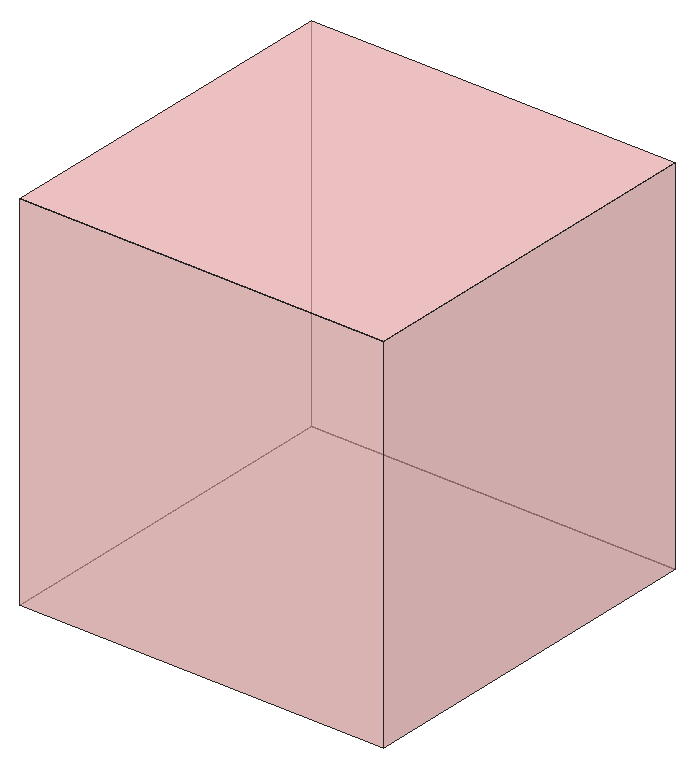
Revit family "Gm_Clash_cube", category Generic Models, Revit 2020
Family settings
  Can host rebar = No
  Round Connector Dimension = Use Diameter
  Part Type = Normal
  Work Plane-Based = No
  Always vertical = Yes
  Cut with Voids When Loaded = No
  Shared = No
  Room Calculation Point = No
Parameters (values of type "Cube")
  Готово [instance] = no
  В работу [instance] = not(Готово)  # yes
  b4 [instance] = a / 10  # 15 mm
  b3 [instance] = a / 8  # 18.75 mm
  b2 [instance] = a / 20  # 7.5 mm
  b1 [instance] = a / 3  # 50 mm
  alfa2 [instance] = 70.00°
  alfa [instance] = 50.00°
  URL = "http://www.egp.spb.ru"
  Material_OK [instance] = Clash_OK
  Material [instance] = Clash_in_Work
  Description = "Коллизии"  # constant formula
  Clash_Элементы_Категория [instance] = ""
  Clash_Элементы_id [instance] = ""
  Clash_Номер [instance] = ""
  Clash_Комментарий_КР [instance] = ""
  Clash_Комментарий_ИОС [instance] = ""
  Clash_Комментарий_АР [instance] = ""
  Clash_Имя [instance] = ""
  Clash_Дата нахождения [instance] = ""
  Clash_Группа [instance] = ""
  -a2 [instance] = -a / 2  # -75 mm
  +a2 [instance] = a / 2  # 75 mm
  a [instance] = 150 mm
  Default Elevation = 0 mm
Reference planes
  plane 1 "По центру (Вперед/Назад)": y = 0
  plane 2: z = 0
  plane 3 "По центру (Влево/Вправо)": x = 0
  plane 4: y = -75
  plane 5: y = 75
  plane 6: x = -75
  plane 7: x = 75
Forms (mm)
  Extrusion 1, solid, material "Clash_in_Work" <- "Material", visible <- "В работу"
    sketch origin (0, 0, 0) x (1, 0, 0) y (0, 1, 0)
      loop
        line (-75, 75) -> (-75, -75) -> (75, -75) -> (75, 75) -> (-75, 75)
    from -75 <- "-a2" to 75 <- "+a2"
  Extrusion 2, solid, material "Clash_OK" <- "Material_OK", visible <- "Готово"
    sketch origin (0, 0, 0) x (1, 0, 0) y (0, 1, 0)
      loop
        line (-75, 75) -> (-75, -75) -> (75, -75) -> (75, 75) -> (-75, 75)
    from -75 <- "-a2" to 75 <- "+a2"
Lines and regions (mm)
  symbolic lines, style "*Clashes", not visible
    curve 1: circle (0, 0, 0) r 75 normal (0, 0, 1)
    curve 3: line (-26.25, 15, 0) -> (-7.5, 15, 0)
    curve 4: line (7.5, 15, 0) -> (26.25, 15, 0)
  symbolic lines, style "*Clashes", visible <- "Готово"
    curve 2: arc (-38.302, -32.139, 0) -> (-21.131, -45.315, 0) -> (0, -50, 0) r 50
    curve 7: arc (0, -50, 0) -> (28.679, -40.958, 0) -> (46.985, -17.101, 0) r 50
  symbolic lines, visible <- "В работу"
    curve 5: arc (38.302, -36.611, 0) -> (21.131, -23.435, 0) -> (0, -18.75, 0) r 50
    curve 6: arc (0, -18.75, 0) -> (-21.131, -23.435, 0) -> (-38.302, -36.611, 0) r 50
    curve 10: arc (-7.5, 15, 0) -> (-16.875, 5.625, 0) -> (-26.25, 15, 0) r 9.375
    curve 11: arc (26.25, 15, 0) -> (16.875, 5.625, 0) -> (7.5, 15, 0) r 9.375
  symbolic lines, visible <- "Готово"
    curve 8: arc (-26.25, 15, 0) -> (-16.875, 24.375, 0) -> (-7.5, 15, 0) r 9.375
    curve 9: arc (7.5, 15, 0) -> (16.875, 24.375, 0) -> (26.25, 15, 0) r 9.375
  model lines, style "*Clashes"
    curve 12: line (0, 0, 75) -> (0, 0, 0)
    curve 13: line (0, 0, 0) -> (0, 0, -75)
Text (mm)
  text "кубик для коллизий\n- размещается скриптом\n- заполняются часть параметров скриптом\n- на основе данных из Navisworks" at (414.618, 584.027, 0), in view "Опорный уровень"
Dimensions and locks
  "b2": curve 4 to plane 3 "По центру (Влево/Вправо)"
  "b2": curve 3 to plane 3 "По центру (Влево/Вправо)"
  "b4": plane 1 "По центру (Вперед/Назад)" to curve 4
  "b3": curve 4 to curve 4
  "b3": curve 3 to curve 3
  "b3": curve 6 to plane 1 "По центру (Вперед/Назад)"
  "+a2": plane 6 to plane 3 "По центру (Влево/Вправо)" to plane 7
  "+a2": plane 5 to plane 1 "По центру (Вперед/Назад)" to plane 4
  "+a2": plane 2 to curve 13
  "+a2": curve 12 to plane 2
  "b1": radius of curve 2
  "+a2": radius of curve 1
  "b1": radius of curve 5
  "alfa": angle curve 5 to curve 5
  "alfa": angle curve 6 to curve 6
  "alfa": angle curve 2 to curve 2
  "alfa2": angle curve 7 to curve 7
  aligned and locked: level to plane 2
  aligned and locked: curve 3 to curve 4
  aligned and locked: plane 3 "По центру (Влево/Вправо)" to curve 6
  aligned and locked: plane 6 to Extrusion 2 sketch curve
  aligned and locked: Extrusion 2 sketch curve to plane 5
  aligned and locked: Extrusion 2 sketch curve to plane 7
  aligned and locked: plane 4 to Extrusion 2 sketch curve
  aligned and locked: plane 6 to Extrusion 1 sketch curve
  aligned and locked: Extrusion 1 sketch curve to plane 5
  aligned and locked: Extrusion 1 sketch curve to plane 7
  aligned and locked: plane 4 to Extrusion 1 sketch curve
Automatic sketch dimensions
  curve 12 to level = 0 mm
  curve 12 to plane 1 "По центру (Вперед/Назад)" = 0 mm
  curve 1 to curve 2 = 0 mm
  curve 1 to curve 7 = 0 mm
  curve 2 to curve 7 = 0 mm
  curve 5 to curve 6 = 0 mm
  curve 6 to plane 3 "По центру (Влево/Вправо)" = 0 mm
  curve 2 to plane 3 "По центру (Влево/Вправо)" = 0 mm
  plane 1 "По центру (Вперед/Назад)" to curve 7 = 0 mm
